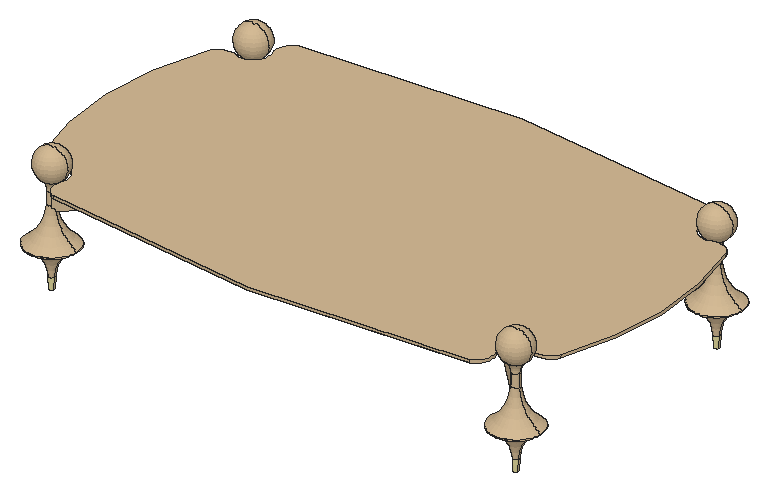
Revit family "MESA DE CENTRO BAILARINA RETANGULAR 210x130x48", category Mobiliário, Revit 2021
Family settings
  Com base no plano de trabalho = Não
  Sempre na vertical = Sim
  Corte com vazios quando carregada = Não
  Compartilhado = Não
  Ponto de cálculo do ambiente = Não
Parameters
  Elevação padrão = 0.0 cm
Reference planes (cm)
  plane 1 "Centro (Frente/Trás)": y = 0
  plane 2: z = 0
  plane 3 "Centro (Esquerda/Direita)": x = 0
  plane 4: x = -104.8475
  plane 5: x = 104.8475
  plane 6: y = -64.8238
  plane 7: y = 64.8238
Dimensions and locks (cm)
  equal spacing: plane 6, plane 1 "Centro (Frente/Trás)", plane 7
  equal spacing: plane 4, plane 3 "Centro (Esquerda/Direita)", plane 5
  aligned and locked: level to plane 2
Nested families (cm)
  nested 1: "MESA DE CENTRO BAILARINA RETANGULAR 210x130x48" at (0, 0, 0), type "Chapa 30"
    with Material none, Local da Instalação "", Largura da Peça 60.0 cm, Comprimento/ Altura 310.0 cm, Altura Tamponamento 50.0 cm, Altura Rodateto 8.0 cm, Altura Rodapé 10.0 cm
Definition of nested family "MESA DE CENTRO BAILARINA RETANGULAR 210x130x48"
  Parameters (values of type "Chapa 30")
    URL = ""
    Material [instance] = none
    MADEIRA NATURAL = none
    Local da Instalação [instance] = ""
    Largura da Peça [instance] = 60.0 cm
    Espessura da Chapa = 3.0 cm
    Default Elevation = 0.0 cm
    Description = "Mesa de Centro Bailarina - Léo Romano"
    Criador das Famílias = ""
    Comprimento/ Altura [instance] = 310.0 cm
    Altura Tamponamento [instance] = 50.0 cm
    Altura Rodateto [instance] = 8.0 cm
    Altura Rodapé [instance] = 10.0 cm
  Reference planes (cm)
    plane 1 "Centro (Frente/Trás)": y = 0
    plane 2: z = 0
    plane 3 "Centro (Esquerda/Direita)": x = 0
  Forms (cm)
    Extrusion 1, solid, material <- "MADEIRA NATURAL"
      sketch origin (0, 0, -50.9889) x (1, 0, 0) y (0, 1, 0)
        loop
          arc (78.8633, 58.0661) -> (0, 65) -> (-78.8633, 58.0661) r 451.9451
          arc (-78.8633, 58.0661) -> (-82.3046, 54.7966) -> (-82.2933, 50.0498) r 6
          arc (-82.2933, 50.0498) -> (-83.534, 43.534) -> (-90.0498, 42.2933) r 5.8973
          arc (-90.0498, 42.2933) -> (-94.7966, 42.3046) -> (-98.0661, 38.8633) r 6
          arc (-98.0661, 38.8633) -> (-105, 0) -> (-98.0661, -38.8633) r 112.3777
          arc (-98.0661, -38.8633) -> (-94.7966, -42.3046) -> (-90.0498, -42.2933) r 6
          arc (-90.0498, -42.2933) -> (-83.534, -43.534) -> (-82.2933, -50.0498) r 5.8973
          arc (-82.2933, -50.0498) -> (-82.3046, -54.7966) -> (-78.8633, -58.0661) r 6
          arc (-78.8633, -58.0661) -> (0, -65) -> (78.8633, -58.0661) r 451.9451
          arc (78.8633, -58.0661) -> (82.3046, -54.7966) -> (82.2933, -50.0498) r 6
          arc (82.2933, -50.0498) -> (83.534, -43.534) -> (90.0498, -42.2933) r 5.8973
          arc (90.0498, -42.2933) -> (94.7966, -42.3046) -> (98.0661, -38.8633) r 6
          arc (98.0661, -38.8633) -> (105, 0) -> (98.0661, 38.8633) r 112.3777
          arc (98.0661, 38.8633) -> (94.7966, 42.3046) -> (90.0498, 42.2933) r 6
          arc (90.0498, 42.2933) -> (83.534, 43.534) -> (82.2933, 50.0498) r 5.8973
          arc (82.2933, 50.0498) -> (82.3046, 54.7966) -> (78.8633, 58.0661) r 6
      from 89 to 90
    Blend 2, solid, material <- "MADEIRA NATURAL"
      base sketch origin (0, 0, 34.0111) x (1, 0, 0) y (0, 1, 0)
        loop
          arc (71.8696, 49.1171) -> (0, 55) -> (-71.8696, 49.1171) r 441.9451
          arc (-71.8696, 49.1171) -> (-76.7393, 36.1932) -> (-89.8846, 31.957) r 15.8973
          arc (-89.8846, 31.957) -> (-95, 0) -> (-89.8846, -31.957) r 102.3777
          arc (-89.8846, -31.957) -> (-76.7393, -36.1932) -> (-71.8696, -49.1171) r 15.8973
          arc (-71.8696, -49.1171) -> (0, -55) -> (71.8696, -49.1171) r 441.9451
          arc (71.8696, -49.1171) -> (76.7393, -36.1932) -> (89.8846, -31.957) r 15.8973
          arc (89.8846, -31.957) -> (95, 0) -> (89.8846, 31.957) r 102.3777
          arc (89.8846, 31.957) -> (76.7393, 36.1932) -> (71.8696, 49.1171) r 15.8973
      top sketch origin (0, 0, 34.0111) x (1, 0, 0) y (0, 1, 0)
        loop
          arc (78.8633, 58.0661) -> (0, 65) -> (-78.8633, 58.0661) r 451.9451
          arc (-78.8633, 58.0661) -> (-82.3046, 54.7966) -> (-82.2933, 50.0498) r 6
          arc (-82.2933, 50.0498) -> (-83.534, 43.534) -> (-90.0498, 42.2933) r 5.8973
          arc (-90.0498, 42.2933) -> (-94.7966, 42.3046) -> (-98.0661, 38.8633) r 6
          arc (-98.0661, 38.8633) -> (-105, 0) -> (-98.0661, -38.8633) r 112.3777
          arc (-98.0661, -38.8633) -> (-94.7966, -42.3046) -> (-90.0498, -42.2933) r 6
          arc (-90.0498, -42.2933) -> (-83.534, -43.534) -> (-82.2933, -50.0498) r 5.8973
          arc (-82.2933, -50.0498) -> (-82.3046, -54.7966) -> (-78.8633, -58.0661) r 6
          arc (-78.8633, -58.0661) -> (0, -65) -> (78.8633, -58.0661) r 451.9451
          arc (78.8633, -58.0661) -> (82.3046, -54.7966) -> (82.2933, -50.0498) r 6
          arc (82.2933, -50.0498) -> (83.534, -43.534) -> (90.0498, -42.2933) r 5.8973
          arc (90.0498, -42.2933) -> (94.7966, -42.3046) -> (98.0661, -38.8633) r 6
          arc (98.0661, -38.8633) -> (105, 0) -> (98.0661, 38.8633) r 112.3777
          arc (98.0661, 38.8633) -> (94.7966, 42.3046) -> (90.0498, 42.2933) r 6
          arc (90.0498, 42.2933) -> (83.534, 43.534) -> (82.2933, 50.0498) r 5.8973
          arc (82.2933, 50.0498) -> (82.3046, 54.7966) -> (78.8633, 58.0661) r 6
      from 0 to 4
    Extrusion 3, solid, material <- "MADEIRA NATURAL"
      sketch origin (0, 129.3481, 27.0111) x (1, 0, 0) y (0, 1, 0)
        loop
          line (-39.4145, -127.8481) -> (-86.982, -80.2807) -> (-89.1033, -82.402) -> (-42.1572, -129.3481) -> (-88.9222, -176.1132) -> (-86.8009, -178.2345) -> (-39.4145, -130.8481) -> (39.4145, -130.8481) -> (86.7624, -178.196) -> (88.8837, -176.0746) -> (42.1572, -129.3481) -> (88.7738, -82.7314) -> (86.6525, -80.6101) -> (39.4145, -127.8481) -> (-39.4145, -127.8481)
      from 0 to 7
    Revolve 4, solid, material <- "MADEIRA NATURAL"
      sketch origin (-297.7004, -47.6329, -1.9889) x (-1, 0, 0) y (0, 0, -1)
        loop
          arc (-206.3217, -39.5927) -> (-207.8265, -37.8203) -> (-208.3671, -35.559) r 5
          line (-208.3671, -35.559) -> (-208.3671, -30.8126)
          arc (-208.3671, -30.8126) -> (-206.0774, -23.1472) -> (-200.5381, -17.3751) r 17.0171
          line (-200.5381, -17.3751) -> (-200.5381, -17.2476)
          arc (-200.5381, -17.2476) -> (-206.3842, -13.0877) -> (-208.8215, -6.3393) r 12.0276
          line (-208.8215, -6.3393) -> (-209.8671, -6.3393) -> (-209.8671, -50.4331)
          arc (-209.8671, -50.4331) -> (-204.1644, -46.2983) -> (-206.3217, -39.5927) r 6
        axis (-209.8671, -6.3393) -> (-209.8671, -50.4331)
      angle from 0 to 360
    Revolve 5, solid, material <- "Material"
      sketch origin (-297.7004, -47.6329, -1.9889) x (-1, 0, 0) y (0, 0, -1)
        loop
          line (-209.0118, -1.9889) -> (-209.8671, -1.9889) -> (-209.8671, -6.3393) -> (-208.8215, -6.3393) -> (-209.0118, -1.9889)
        axis (-209.8671, -1.9889) -> (-209.8671, -6.3393)
      angle from 0 to 360
    Revolve 6, solid, material <- "MADEIRA NATURAL", not visible
      sketch origin (-297.7004, -47.6329, 0) x (-1, 0, 0) y (0, 0, -1)
        loop
          arc (-206.3217, -39.5927) -> (-207.8265, -37.8203) -> (-208.3671, -35.559) r 5
          line (-208.3671, -35.559) -> (-208.3671, -30.8126)
          arc (-208.3671, -30.8126) -> (-206.0774, -23.1472) -> (-200.5381, -17.3751) r 17.0171
          line (-200.5381, -17.3751) -> (-200.5381, -17.2476)
          arc (-200.5381, -17.2476) -> (-206.3842, -13.0877) -> (-208.8215, -6.3393) r 12.0276
          line (-208.8215, -6.3393) -> (-209.8671, -6.3393) -> (-209.8671, -50.4331)
          arc (-209.8671, -50.4331) -> (-204.1644, -46.2983) -> (-206.3217, -39.5927) r 6
        axis (-209.8671, -6.3393) -> (-209.8671, -50.4331)
      angle from 0 to 360
    Revolve 7, solid, material <- "Material", not visible
      sketch origin (-297.7004, -47.6329, 0) x (-1, 0, 0) y (0, 0, -1)
        loop
          line (-209.0118, -1.9889) -> (-209.8671, -1.9889) -> (-209.8671, -6.3393) -> (-208.8215, -6.3393) -> (-209.0118, -1.9889)
        axis (-209.8671, -1.9889) -> (-209.8671, -6.3393)
      angle from 0 to 360
    Revolve 8, solid, material <- "MADEIRA NATURAL"
      sketch origin (-297.6379, 47.6284, -1.9889) x (-1, 0, 0) y (0, 0, -1)
        loop
          arc (-206.3217, -39.5927) -> (-207.8265, -37.8203) -> (-208.3671, -35.559) r 5
          line (-208.3671, -35.559) -> (-208.3671, -30.8126)
          arc (-208.3671, -30.8126) -> (-206.0774, -23.1472) -> (-200.5381, -17.3751) r 17.0171
          line (-200.5381, -17.3751) -> (-200.5381, -17.2476)
          arc (-200.5381, -17.2476) -> (-206.3842, -13.0877) -> (-208.8215, -6.3393) r 12.0276
          line (-208.8215, -6.3393) -> (-209.8671, -6.3393) -> (-209.8671, -50.4331)
          arc (-209.8671, -50.4331) -> (-204.1644, -46.2983) -> (-206.3217, -39.5927) r 6
        axis (-209.8671, -6.3393) -> (-209.8671, -50.4331)
      angle from 0 to 360
    Revolve 9, solid, material <- "Material"
      sketch origin (-297.6379, 47.6284, -1.9889) x (-1, 0, 0) y (0, 0, -1)
        loop
          line (-209.0118, -1.9889) -> (-209.8671, -1.9889) -> (-209.8671, -6.3393) -> (-208.8215, -6.3393) -> (-209.0118, -1.9889)
        axis (-209.8671, -1.9889) -> (-209.8671, -6.3393)
      angle from 0 to 360
    Revolve 10, solid, material <- "MADEIRA NATURAL"
      sketch origin (-122.105, 47.6284, -1.9889) x (-1, 0, 0) y (0, 0, -1)
        loop
          arc (-206.3217, -39.5927) -> (-207.8265, -37.8203) -> (-208.3671, -35.559) r 5
          line (-208.3671, -35.559) -> (-208.3671, -30.8126)
          arc (-208.3671, -30.8126) -> (-206.0774, -23.1472) -> (-200.5381, -17.3751) r 17.0171
          line (-200.5381, -17.3751) -> (-200.5381, -17.2476)
          arc (-200.5381, -17.2476) -> (-206.3842, -13.0877) -> (-208.8215, -6.3393) r 12.0276
          line (-208.8215, -6.3393) -> (-209.8671, -6.3393) -> (-209.8671, -50.4331)
          arc (-209.8671, -50.4331) -> (-204.1644, -46.2983) -> (-206.3217, -39.5927) r 6
        axis (-209.8671, -6.3393) -> (-209.8671, -50.4331)
      angle from 0 to 360
    Revolve 11, solid, material <- "Material"
      sketch origin (-122.105, 47.6284, -1.9889) x (-1, 0, 0) y (0, 0, -1)
        loop
          line (-209.0118, -1.9889) -> (-209.8671, -1.9889) -> (-209.8671, -6.3393) -> (-208.8215, -6.3393) -> (-209.0118, -1.9889)
        axis (-209.8671, -1.9889) -> (-209.8671, -6.3393)
      angle from 0 to 360
    Revolve 12, solid, material <- "MADEIRA NATURAL"
      sketch origin (-121.98, -47.5981, -1.9889) x (-1, 0, 0) y (0, 0, -1)
        loop
          arc (-206.3217, -39.5927) -> (-207.8265, -37.8203) -> (-208.3671, -35.559) r 5
          line (-208.3671, -35.559) -> (-208.3671, -30.8126)
          arc (-208.3671, -30.8126) -> (-206.0774, -23.1472) -> (-200.5381, -17.3751) r 17.0171
          line (-200.5381, -17.3751) -> (-200.5381, -17.2476)
          arc (-200.5381, -17.2476) -> (-206.3842, -13.0877) -> (-208.8215, -6.3393) r 12.0276
          line (-208.8215, -6.3393) -> (-209.8671, -6.3393) -> (-209.8671, -50.4331)
          arc (-209.8671, -50.4331) -> (-204.1644, -46.2983) -> (-206.3217, -39.5927) r 6
        axis (-209.8671, -6.3393) -> (-209.8671, -50.4331)
      angle from 0 to 360
    Revolve 13, solid, material <- "Material"
      sketch origin (-121.98, -47.5981, -1.9889) x (-1, 0, 0) y (0, 0, -1)
        loop
          line (-209.0118, -1.9889) -> (-209.8671, -1.9889) -> (-209.8671, -6.3393) -> (-208.8215, -6.3393) -> (-209.0118, -1.9889)
        axis (-209.8671, -1.9889) -> (-209.8671, -6.3393)
      angle from 0 to 360
  Dimensions and locks (cm)
    aligned and locked: level to plane 2
